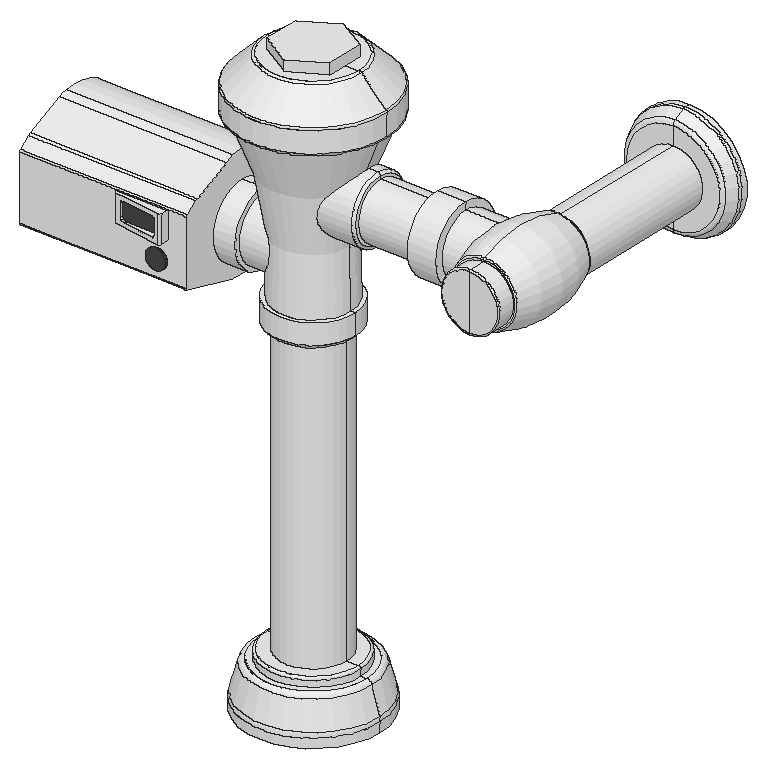
Revit family "Flush_Valve-Toilet-American_Standard-Ultima_Sensor-6147SM16X_Series", category Plumbing Fixtures, Revit 2019
Family settings
  Round Connector Dimension = Use Diameter
  Part Type = Normal
  OmniClass Number = 23.65.70.00
  OmniClass Title = Terminals for Supplied Liquids and Gases
  Work Plane-Based = Yes
  Always vertical = No
  Cut with Voids When Loaded = No
  Shared = Yes
  Room Calculation Point = No
Parameters (values of type "6147SM161.002")
  Waste Connection = no
  Warranty Information = "1 Year Limited Warranty"
  WFU = 0  # constant formula
  Vent Connection = no
  URL = "https://www.americanstandard-us.com/"
  Revised Date = "09/30/2021"  # constant formula
  Product Page URL = "https://www.americanstandard-us.com/Sensor-Flush-Valves/Ultima-Touchless-Sensor-Toilet-Flush-Valve-Diaphragm-Type-16-gpf-60-Lpf-27-inch-Rough-In/CHROME-6147SM161002"
  Product Documentation Link = "https://americanstandard.box.com/shared/static/29g2bhl1dl00d3vz4enwz6njxmrdbmgc.pdf"
  Price = "Prices may vary. Please consult Manufacturer Representative for most up-to-date price list."  # constant formula
  Operating Pressure = "25 psi (flowing) - 80 psi (static)"  # constant formula
  Model = "6147SM161.002"
  Material = "Brass-American Standard-002-Polished Chrome"
  Manufacturer = "American Standard"
  Installation Type = "Top Spud"
  Height = 14 5/8"
  HWFU = 0  # constant formula
  HW Connection = no
  Flush Rate = "1.6 gpf (6.0 Lpf)"
  Finish = Brass-American Standard-002-Polished Chrome
  Description = "Ultima Sensor-Operated Toilet Flush Valve Diaphragm-Type"  # constant formula
  Default Elevation = 0"
  Creation Date = "02/14/2019"  # constant formula
  Connection Distance = 11 1/2"
  Cold Water Connection Width Constraint = 6"
  Cold Water Connection Width = if(Cold Water Connection Width Constraint < 4 1/4", 4 1/4", if(Cold Water Connection Width Constraint > 5 1/4", 5 1/4", Cold Water Connection Width Constraint))  # 5 1/4"
  Cold Water Connection Radius = 1/2"  # constant formula
  Cold Water Connection Height = 11 1/2"
  Cold Water Connection Diameter = Cold Water Connection Radius * 2  # 1"
  Center to Wall Constraint = 5"
  Center to Wall = if(Center to Wall Constraint < 1 1/2", 1 1/2", if(Center to Wall Constraint > 5", 5", Center to Wall Constraint))  # 5"
  CWFU = 10  # constant formula
  CW Connection = yes
  Assembly Code = "D2020100"
  ADA Compliant = yes
Types (3): name | Product Page URL | Model | Height | Cold Water Connection Width Constraint | Cold Water Connection Width | Cold Water Connection Height | Center to Wall Constraint | Center to Wall
  (no name) | "https://www.americanstandard-us.com/Sensor-Flush-Valves/Ultima-Touchless-Sensor-Toilet-Flush-Valve-Diaphragm-Type-16-gpf-60-Lpf-27-inch-Rough-In/CHROME-6147SM161002" | "6147SM161.002" | 14 5/8" | 6" | 5 1/4" | 11 1/2" | 5" | 5"
  6147SM161.002 | "https://www.americanstandard-us.com/Sensor-Flush-Valves/Ultima-Touchless-Sensor-Toilet-Flush-Valve-Diaphragm-Type-16-gpf-60-Lpf-27-inch-Rough-In/CHROME-6147SM161002" | "6147SM161.002" | 14 5/8" | 6" | 5 1/4" | 11 1/2" | 5" | 5"
  6147SM162.002 | "https://www.americanstandard-us.com/Sensor-Flush-Valves/Ultima-Touchless-Sensor-Toilet-Flush-Valve-Diaphragm-Type-16-gpf-60-Lpf-27-Inch-686-mm-Rough-In/CHROME-6147SM162002" | "6147SM162.002" | 30 1/8" | 2" | 4 1/4" | 27" | 1" | 1 1/2"
Reference planes (in)
  plane 1 "Center (Front/Back)": y = 0
  plane 2: z = 0
  plane 3 "Center (Left/Right)": x = 0
  plane 4: z = 11.5
  plane 5: z = 14.625
  plane 6: y = 5
  plane 7: z = 8.90216
  plane 8: z = 10.86525
  plane 9 "Right Inlet": x = 5.25
  plane 10: x = 7.25
  plane 11: x = -3.25
  plane 12: x = -3.48706
  plane 13: x = 3.48706
  plane 14: x = -2.5
Forms (in)
  Revolve 1, solid, material "Brass-American Standard-002-Polished Chrome" <- "Finish"
    sketch origin (0, 0, 0) x (1, 0, 0) y (0, 0, 1)
      loop
        line (0, 0) -> (0, 14.3802) -> (-1.11818, 14.3802)
        arc (-1.11818, 14.3802) -> (-1.15499, 14.37288) -> (-1.18619, 14.35203) r 0.09619
        line (-1.18619, 14.35203) -> (-1.79374, 13.74448)
        arc (-1.79374, 13.74448) -> (-1.80975, 13.72052) -> (-1.81537, 13.69225) r 0.07386
        line (-1.81537, 13.69225) -> (-1.81537, 13.17344)
        arc (-1.81537, 13.17344) -> (-1.80066, 13.13794) -> (-1.76516, 13.12324) r 0.05021
        line (-1.76516, 13.12324) -> (-1.6688, 13.12324)
        arc (-1.6688, 13.12324) -> (-0.99336, 11.1295) -> (-0.92916, 9.02544) r 7.13417
        line (-0.92916, 9.02544) -> (-1.03765, 9.02544) -> (-1.03765, 8.52544) -> (-0.92113, 8.40893) -> (-0.81444, 8.40893) -> (-0.81444, 1.28526) -> (-1.1096, 1.28526)
        arc (-1.1096, 1.28526) -> (-1.1491, 1.26889) -> (-1.16546, 1.22939) r 0.05587
        line (-1.16546, 1.22939) -> (-1.16546, 1.0765) -> (-1.31528, 1.0765)
        arc (-1.31528, 1.0765) -> (-1.39529, 1.04973) -> (-1.44308, 0.9802) r 0.13295
        line (-1.44308, 0.9802) -> (-1.62753, 0.33695)
        arc (-1.62753, 0.33695) -> (-1.63891, 0.2834) -> (-1.64273, 0.22878) r 0.39245
        line (-1.64273, 0.22878) -> (-1.64273, 0) -> (0, 0)
      axis (0, 14.3802) -> (0, 0)
    angle from 0 to 360
  Extrusion 2, solid, material "Brass-American Standard-002-Polished Chrome" <- "Finish"
    sketch origin (0, 0, 0) x (1, 0, 0) y (0, 1, 0)
      loop
        line (0, 0.89876) -> (-0.77835, 0.44938) -> (-0.77835, -0.44938) -> (0, -0.89876) -> (0.77835, -0.44938) -> (0.77835, 0.44938) -> (0, 0.89876)
    from 13.12324 to 14.625
  Revolve 3, solid, material "Brass-American Standard-002-Polished Chrome" <- "Finish"
    sketch origin (0, 0, 0) x (-1, 0, 0) y (0, 0, 1)
      loop
        line (-5.25, 11.5) -> (0, 11.5) -> (0, 12.31257) -> (-1.58632, 12.31257) -> (-1.6489, 12.25) -> (-1.6489, 12.18215) -> (-3.04991, 12.18215) -> (-3.04991, 12.42086) -> (-3.75, 12.42086) -> (-3.75, 12.25) -> (-5.25, 12.25) -> (-5.25, 11.5)
      axis (0, 11.5) -> (-5.25, 11.5)
    angle from 0 to 360
  Revolve 4, solid, material "Brass-American Standard-002-Polished Chrome" <- "Finish"
    sketch origin (0, 0, 0) x (-1, 0, 0) y (0, 0, 1)
      loop
        line (1.7544, 10.10762) -> (1.7544, 11.00332) -> (1.21033, 11.00332) -> (1.21033, 10.88577) -> (0, 10.88577) -> (0, 10.10762) -> (1.7544, 10.10762)
      axis (0, 10.10762) -> (1.7544, 10.10762)
    angle from 0 to 360
  Revolve 5, solid, material "Brass-American Standard-002-Polished Chrome" <- "Finish"
    sketch origin (5.25, -180, 27.44758) x (0, 0, 1) y (0, -1, 0)
      loop
        line (-14.55344, -185) -> (-14.55344, -184.86878)
        arc (-14.55344, -184.86878) -> (-14.55759, -184.83491) -> (-14.56982, -184.80307) r 0.13997
        line (-14.56982, -184.80307) -> (-14.70077, -184.55679)
        arc (-14.70077, -184.55679) -> (-14.74551, -184.50964) -> (-14.80815, -184.49227) r 0.12162
        line (-14.80815, -184.49227) -> (-15.23507, -184.49227) -> (-15.23507, -180.95216) -> (-15.18883, -180.95216)
        arc (-15.18883, -180.95216) -> (-15.16927, -180.94629) -> (-15.15617, -180.93062) r 0.03553
        arc (-15.15617, -180.93062) -> (-14.92807, -179.81868) -> (-15.15603, -178.70671) r 2.82515
        arc (-15.15603, -178.70671) -> (-15.16932, -178.69081) -> (-15.18917, -178.68485) r 0.03604
        line (-15.18917, -178.68485) -> (-15.23507, -178.68485) -> (-15.23507, -178.27678)
        arc (-15.23507, -178.27678) -> (-15.24343, -178.25661) -> (-15.2636, -178.24825) r 0.02853
        line (-15.2636, -178.24825) -> (-15.94758, -178.24825) -> (-15.94758, -185) -> (-14.55344, -185)
      axis (-15.94758, -185) -> (-15.94758, -178.24825)
    angle from 0 to 360
  Extrusion 6, solid, material "Brass-American Standard-002-Polished Chrome" <- "Finish"
    sketch origin (-0.04087, 1.78125, -0.39578) x (0, 1, 0) y (0, 0, -1)
      loop
        arc (-0.7196, -11.54604) -> (-0.66257, -11.44624) -> (-0.64278, -11.333) r 0.3338
        line (-0.64278, -11.333) -> (-0.64278, -10.00245)
        arc (-0.64278, -10.00245) -> (-0.66336, -9.88528) -> (-0.72265, -9.78215) r 0.34375
        arc (-0.72265, -9.78215) -> (-1.27706, -9.38238) -> (-1.95534, -9.29794) r 1.37902
        arc (-1.95534, -9.29794) -> (-2.00062, -9.30506) -> (-2.0454, -9.31483) r 0.77852
        line (-2.0454, -9.31483) -> (-3.42898, -9.6598)
        arc (-3.42898, -9.6598) -> (-3.45031, -9.67365) -> (-3.45859, -9.6977) r 0.03906
        line (-3.45859, -9.6977) -> (-3.45859, -11.28703)
        arc (-3.45859, -11.28703) -> (-3.45492, -11.3036) -> (-3.44459, -11.31705) r 0.03919
        line (-3.44459, -11.31705) -> (-3.19908, -11.52306)
        arc (-3.19908, -11.52306) -> (-3.17336, -11.54175) -> (-3.14529, -11.55667) r 0.22786
        line (-3.14529, -11.55667) -> (-2.25444, -11.95331)
        arc (-2.25444, -11.95331) -> (-2.15025, -11.99273) -> (-2.04226, -12.02002) r 0.97568
        arc (-2.04226, -12.02002) -> (-1.31604, -11.96411) -> (-0.7196, -11.54604) r 1.37902
    from 1.71353 to 5.8125
  Extrusion 7, solid, material "Black Sensor"
    sketch origin (-0.04087, 0, -0.38475) x (-1, 0, 0) y (0, 0, -1)
      loop
        circle (2.45913, -10.10505) r 0.25
    from 0 to 1.71605
  Extrusion 8, void
    sketch origin (-4.20794, 0, 0) x (0, 0, 1) y (0, -1, 0)
      loop
        circle (10.28116, 0) r 0.1816
      loop
        circle (10.28116, 0) r 0.13712
      loop
        line (10.99066, 0.99621) -> (9.55382, 0.99621)
        arc (9.55382, 0.99621) -> (9.04401, 0) -> (9.55382, -0.99621) r 1.22823
        line (9.55382, -0.99621) -> (10.99066, -0.99621)
        arc (10.99066, -0.99621) -> (11.50048, 0) -> (10.99066, 0.99621) r 1.22823
      loop
        arc (10.97018, -0.93371) -> (11.43798, 0) -> (10.97018, 0.93371) r 1.16573
        line (10.97018, 0.93371) -> (9.5743, 0.93371)
        arc (9.5743, 0.93371) -> (9.10651, 0) -> (9.5743, -0.93371) r 1.16573
        line (9.5743, -0.93371) -> (10.97018, -0.93371)
    from -1.93593 to -1.35494
  Extrusion 9, solid, material "Brass-American Standard-002-Polished Chrome" <- "Finish"
    sketch origin (1, 0, 0) x (1, 0, 0) y (0, 0, 1)
      loop
        circle (4.25, 11.5) r 0.5
    from -5 to -4.49227
  Extrusion 10, solid, material "Brass-American Standard-002-Polished Chrome" <- "Finish"
    sketch origin (0, 0, 0) x (1, 0, 0) y (0, 1, 0)
      loop
        line (-2.23706, -1.86348) -> (-2.23706, -1.48313) -> (-3.48706, -1.48313) -> (-3.48706, -1.68076)
        arc (-3.48706, -1.68076) -> (-3.47366, -1.72392) -> (-3.43817, -1.75189) r 0.07619
        line (-3.43817, -1.75189) -> (-2.29372, -1.91274)
        arc (-2.29372, -1.91274) -> (-2.25416, -1.90102) -> (-2.23706, -1.86348) r 0.04974
    from 10.20053 to 10.86525
  Extrusion 11, void
    sketch origin (0, 0, 0) x (1, 0, 0) y (0, 0, 1)
      loop
        arc (-3.23484, 10.76921) -> (-3.29408, 10.74467) -> (-3.31862, 10.68543) r 0.08378
        line (-3.31862, 10.68543) -> (-3.31862, 10.38189)
        arc (-3.31862, 10.38189) -> (-3.29234, 10.31844) -> (-3.22889, 10.29216) r 0.08973
        line (-3.22889, 10.29216) -> (-2.46968, 10.29216)
        arc (-2.46968, 10.29216) -> (-2.39011, 10.32512) -> (-2.35715, 10.40469) r 0.11253
        line (-2.35715, 10.40469) -> (-2.35715, 10.70233)
        arc (-2.35715, 10.70233) -> (-2.37674, 10.74962) -> (-2.42403, 10.76921) r 0.06688
        line (-2.42403, 10.76921) -> (-3.23484, 10.76921)
    from 1.71605 to 2.33049
Cuts and joins
  Extrusion 8, Extrusion 11 cuts Extrusion 6
  Extrusion 8, Extrusion 11 cuts Revolve 3
  Extrusion 8 cuts Revolve 4
  Extrusion 11 cuts Extrusion 10
Lines and regions (in)
  Masking region 1
    outline origin (0, 0, 0) x (1, 0, 0) y (0, 1, 0)
      loop
        circle (0, 0) r 1.83284
  Masking region 2
    outline origin (0, 0, 0) x (1, 0, 0) y (0, 1, 0)
      loop
        line (-1.59907, 0.8957) -> (-1.7544, 0.8957) -> (-1.7544, 1.13847) -> (-5.85337, 1.13847) -> (-5.85337, -1.67945) -> (-3.48704, -1.67945)
        arc (-3.48704, -1.67945) -> (-3.47403, -1.72337) -> (-3.43817, -1.75189) r 0.07619
        line (-3.43817, -1.75189) -> (-2.29372, -1.91274)
        arc (-2.29372, -1.91274) -> (-2.25416, -1.90102) -> (-2.23706, -1.86348) r 0.04974
        line (-2.23706, -1.86348) -> (-2.23706, -1.67945) -> (-1.7544, -1.67945) -> (-1.7544, -0.8957) -> (-1.59907, -0.8957)
        arc (-1.59907, -0.8957) -> (-1.77343, -0.46285) -> (-1.83284, 0) r 1.83284
        arc (-1.83284, 0) -> (-1.77343, 0.46285) -> (-1.59907, 0.8957) r 1.83284
  Masking region 3
    outline origin (0, 0, 0) x (1, 0, 0) y (0, 1, 0)
      loop
        line (3.04991, 0.92086) -> (3.04991, 0.68215) -> (1.70117, 0.68215)
        arc (1.70117, 0.68215) -> (1.83284, 0) -> (1.70117, -0.68215) r 1.83284
        line (1.70117, -0.68215) -> (3.04991, -0.68215) -> (3.04991, -0.92086) -> (3.75, -0.92086) -> (3.75, -0.75) -> (4.24394, -0.75) -> (4.4256, -1.31515) -> (4.5375, -1.31515) -> (4.5375, -1.76825) -> (5.9625, -1.76825) -> (5.9625, -1.31515) -> (6.02971, -1.31515)
        arc (6.02971, -1.31515) -> (6.27006, -0.17954) -> (6.01191, 0.95216) r 2.7028
        line (6.01191, 0.95216) -> (5.96208, 0.95216) -> (5.96208, 4.49227) -> (6.46752, 4.49227) -> (6.64472, 4.82553) -> (6.64472, 5) -> (3.85528, 5) -> (3.85528, 4.82553) -> (4.03248, 4.49227) -> (4.53792, 4.49227) -> (4.53792, 0.95216) -> (4.46031, 0.95216) -> (4.39463, 0.75) -> (3.75, 0.75) -> (3.75, 0.92086) -> (3.04991, 0.92086)
  symbolic lines, detail levels medium+fine
    curve 1: line (0, 0.89876, 0) -> (-0.77835, 0.44938, 0)
    curve 2: line (0.77835, 0.44938, 0) -> (0, 0.89876, 0)
    curve 3: line (0.77835, -0.44938, 0) -> (0.77835, 0.44938, 0)
    curve 4: line (0, -0.89876, 0) -> (0.77835, -0.44938, 0)
    curve 5: line (-0.77835, -0.44938, 0) -> (0, -0.89876, 0)
    curve 6: line (-0.77835, 0.44938, 0) -> (-0.77835, -0.44938, 0)
    curve 7: line (5.96208, 4.99227, 0) -> (4.53792, 4.99227, 0)
    curve 8: line (3.75, 0.75, 0) -> (3.75, -0.75, 0)
    curve 9: line (3.04991, 0.68215, 0) -> (3.04991, -0.68215, 0)
    curve 13: line (5.96208, 4.49227, 0) -> (4.53792, 4.49227, 0)
    curve 14: line (4.5375, -1.31515, 0) -> (5.9625, -1.31515, 0)
    curve 16: line (-2.23706, -1.67945, 0) -> (-3.48704, -1.67945, 0)
  symbolic lines, detail levels fine
    curve 10: line (-1.7544, 0.8957, 0) -> (-1.7544, 0.53044, 0)
    curve 11: line (-1.7544, -0.8957, 0) -> (-1.7544, -0.53044, 0)
    curve 12: line (5.96208, 0.95216, 0) -> (4.5375, 0.95216, 0)
    curve 15: arc (4.39463, 0.75, 0) -> (4.61917, -0.03013, 0) -> (4.24394, -0.75, 0) r 1.09328
Dimensions and locks (in)
  "Cold Water Connection Height": plane 4 to level
  "Height": plane 5 to level
  locked: Revolve 1 sketch curve to plane 3 "Center (Left/Right)" at 1.64273
  locked: Revolve 1 sketch curve to plane 3 "Center (Left/Right)" at 1.16546
  locked: Revolve 1 sketch curve to plane 3 "Center (Left/Right)" at 0.81444
  locked: Revolve 1 sketch curve to level at 1.0765
  locked: Revolve 1 sketch curve to level at 1.28526
  locked: plane 5 to Revolve 1 sketch curve at 0.2448
  locked: plane 3 "Center (Left/Right)" to Revolve 1 sketch curve at 1.81537
  locked: plane 3 "Center (Left/Right)" to Revolve 1 sketch curve at 1.03765
  locked: plane 5 to Revolve 1 sketch curve at 1.50176
  locked: plane 5 to Revolve 1 sketch curve at 5.59956
  locked: plane 5 to Revolve 1 sketch curve at 6.21607
  "Center to Wall": plane 6 to plane 1 "Center (Front/Back)"
  locked: plane 3 "Center (Left/Right)" to Revolve 1 sketch curve at 1.6688
  locked: plane 5 to plane 7 at 5.72284
  locked: plane 4 to plane 8 at 0.63475
  plane 11 to plane 3 "Center (Left/Right)" = 3 1/4"
  plane 10 to plane 11 = 10 1/2"
  locked: plane 8 to cut or joined group of Extrusion 10, Extrusion 11 at 0.66473
  cut or joined group of Extrusion 10, Extrusion 11 to cut or joined group of Extrusion 10, Extrusion 11 to plane 3 "Center (Left/Right)" = 0.96147" locked, 2.35715" locked
  Revolve 3 sketch curve to Revolve 3 sketch curve to Revolve 3 sketch curve = 0.06257", 0.06785"
  Revolve 3 sketch curve to Revolve 3 sketch curve = 0.17086"
  Revolve 3 sketch curve to Revolve 3 sketch curve to Revolve 3 sketch curve to plane 3 "Center (Left/Right)" = 0", 0.06257", 1.58632"
  locked: plane 6 to Revolve 5 sketch curve at 0.50773
  Revolve 5 sketch curve to plane 1 "Center (Front/Back)" to Revolve 5 sketch curve = 0.95216", 1.31515"
  locked: plane 1 "Center (Front/Back)" to Revolve 5 sketch curve at 1.75175
  plane 4 to Revolve 5 sketch curve = 0.7125"
  plane 3 "Center (Left/Right)" to plane 14 = 2 1/2"
  Extrusion 7 sketch curve to plane 7 = 0.81814"
  Revolve 5 sketch curve to plane 4 = 1.39414"
  equal spacing: Masking region 3 sketch curve, plane 9 "Right Inlet", Masking region 3 sketch curve  (x3)
  Masking region 3 sketch curve to Masking region 3 sketch curve to Masking region 3 sketch curve to Masking region 3 sketch curve to Masking region 3 sketch curve to plane 9 "Right Inlet" = 0.70009" locked, 0.49394" locked, 0.18166" locked, 0.1119" locked, 0.7125" locked
  Revolve 3 sketch curve to plane 9 "Right Inlet" = 2.20009"
  plane 9 "Right Inlet" to Revolve 3 sketch curve = 1 1/2"
  "Cold Water Connection Width": plane 9 "Right Inlet" to plane 3 "Center (Left/Right)"
  radius of Revolve 1 sketch curve = 7.13417"
  radius of Extrusion 6 sketch curve = 0.3338"
  radius of Extrusion 6 sketch curve = 11/32"
  radius of Masking region 3 sketch curve = 2.7028"
  aligned and locked: plane 3 "Center (Left/Right)" to Revolve 1 sketch curve
  aligned and locked: Revolve 1 sketch curve to level
  aligned and locked: Revolve 1 sketch curve to plane 3 "Center (Left/Right)"
  aligned and locked: plane 5 to Extrusion 2
  aligned and locked: Revolve 1 to Extrusion 2
  aligned and locked: Revolve 4 sketch curve to Revolve 4 sketch curve
  aligned and locked: Revolve 5 sketch curve to Revolve 5 sketch curve
  aligned and locked: plane 7 to cut or joined group of Extrusion 6, Extrusion 8, Extrusion 11
  aligned and locked: plane 9 "Right Inlet" to cut or joined group of Revolve 3, Extrusion 8, Extrusion 11
  aligned and locked: cut or joined group of Revolve 3, Extrusion 8, Extrusion 11 to plane 3 "Center (Left/Right)"
  aligned and locked: plane 8 to Extrusion 10
  aligned and locked: Extrusion 10 to plane 8
  aligned and locked: plane 12 to Extrusion 10 sketch curve
  aligned and locked: Extrusion 7 to cut or joined group of Extrusion 10, Extrusion 11
  aligned and locked: Masking region 2 sketch curve to Masking region 1  (x2)
  aligned and locked: Masking region 2 sketch curve to cut or joined group of Extrusion 6, Extrusion 8, Extrusion 11
  aligned and locked: Masking region 2 sketch curve to cut or joined group of Extrusion 10, Extrusion 11
  aligned and locked: cut or joined group of Extrusion 10, Extrusion 11 to Masking region 2 sketch curve
  aligned and locked: curve 10 to cut or joined group of Extrusion 6, Extrusion 8, Extrusion 11
  aligned and locked: cut or joined group of Extrusion 6, Extrusion 8, Extrusion 11 to curve 11
  aligned and locked: curve 8 to cut or joined group of Revolve 3, Extrusion 8, Extrusion 11
  aligned and locked: curve 9 to cut or joined group of Revolve 3, Extrusion 8, Extrusion 11
  aligned and locked: Masking region 3 sketch curve to Masking region 1
  aligned and locked: plane 4 to Revolve 5 sketch curve
  aligned and locked: plane 14 to Extrusion 7 sketch curve
  aligned and locked: plane 6 to Extrusion 9
  aligned and locked: Extrusion 9 to Revolve 5
  aligned and locked: Revolve 5 sketch curve to plane 4
  aligned and locked: curve 7 to Masking region 3
  aligned and locked: Masking region 3 to curve 7
  aligned and locked: Masking region 3 sketch curve to cut or joined group of Revolve 3, Extrusion 8, Extrusion 11  (x2)
  aligned and locked: cut or joined group of Revolve 3, Extrusion 8, Extrusion 11 to Masking region 3 sketch curve  (x2)
  aligned and locked: Revolve 5 to curve 12
  aligned and locked: Masking region 2 to cut or joined group of Extrusion 6, Extrusion 8, Extrusion 11
  aligned and locked: Masking region 2 sketch curve to curve 11
  aligned and locked: curve 10 to Masking region 2 sketch curve
  aligned and locked: cut or joined group of Extrusion 6, Extrusion 8, Extrusion 11 to Masking region 2
  aligned and locked: Masking region 2 to Masking region 2
  aligned and locked: curve 16 to Masking region 2
  aligned and locked: cut or joined group of Extrusion 10, Extrusion 11 to curve 16
Automatic sketch dimensions
  plane 12 to Extrusion 10 sketch curve = 0.04889"
  Extrusion 10 sketch curve to Extrusion 10 sketch curve = 0.07619"
  Extrusion 10 sketch curve to Extrusion 10 sketch curve = 1.11714"
  Extrusion 10 sketch curve to Extrusion 10 sketch curve = 0.00692"
  Extrusion 10 sketch curve to Extrusion 10 sketch curve = 0.04974"
  plane 1 "Center (Front/Back)" to Extrusion 10 sketch curve = 1.91274"
  Extrusion 10 sketch curve to Extrusion 10 sketch curve = 0.16084"
  Extrusion 10 sketch curve to Extrusion 10 sketch curve = 0.19763"
  plane 7 to Revolve 1 sketch curve = 0.96013"
  Revolve 1 sketch curve to plane 5 = 0.88052"
  Revolve 1 sketch curve to Revolve 1 sketch curve = 0.02163"
  Revolve 1 sketch curve to Revolve 1 sketch curve = 0.05021"
  Revolve 1 sketch curve to Revolve 1 sketch curve = 0.05223"
  level to Revolve 1 sketch curve = 0.33695"
  Revolve 1 sketch curve to Revolve 1 sketch curve = 0.0152"
  Revolve 1 sketch curve to Revolve 1 sketch curve = 0.27761"
  Revolve 1 sketch curve to Revolve 1 sketch curve = 0.14982"
  level to Revolve 1 sketch curve = 0.22878"
  Revolve 1 sketch curve to plane 5 = 0.27297"
  Revolve 1 sketch curve to Revolve 1 sketch curve = 0.60754"
  Revolve 1 sketch curve to Revolve 1 sketch curve = 0.06802"
  Revolve 1 sketch curve to Revolve 1 sketch curve = 0.05587"
  Revolve 1 sketch curve to Revolve 1 sketch curve = 0.1067"
  Revolve 1 sketch curve to Revolve 1 sketch curve = 0.13295"
  Revolve 1 sketch curve to Revolve 1 sketch curve = 0.11652"
  plane 5 to Revolve 1 sketch curve = 3.2552"
  Revolve 1 sketch curve to Revolve 1 sketch curve = 1"
  Revolve 3 sketch curve to plane 4 = 0"  (x2)
  plane 9 "Right Inlet" to Revolve 3 sketch curve = 0"
  Revolve 3 sketch curve to plane 3 "Center (Left/Right)" = 0"
  Revolve 3 sketch curve to plane 4 = 0.68215"
  Revolve 3 sketch curve to Revolve 3 sketch curve = 3/4"
  Revolve 3 sketch curve to Revolve 3 sketch curve = 1 1/4"
  Revolve 4 sketch curve to plane 3 "Center (Left/Right)" = 0"
  Revolve 4 sketch curve to plane 8 = 0.02052"
  Revolve 4 sketch curve to Revolve 4 sketch curve = 1.21033"
  Revolve 4 sketch curve to Revolve 4 sketch curve = 0.54407"  (x2)
  plane 8 to Revolve 4 sketch curve = 0.75763"
  Revolve 4 sketch curve to plane 8 = 0.13807"
  Revolve 4 sketch curve to Revolve 4 sketch curve = 0.20593"
  Revolve 5 sketch curve to plane 6 = 0"
  Revolve 5 sketch curve to plane 1 "Center (Front/Back)" = 0.18149"
  Revolve 5 sketch curve to plane 7 = 0.7922"
  Revolve 5 sketch curve to Revolve 5 sketch curve = 0.02853"
  Revolve 5 sketch curve to Revolve 5 sketch curve = 0.04591"
  Revolve 5 sketch curve to Revolve 5 sketch curve = 0.04624"
  Revolve 5 sketch curve to Revolve 5 sketch curve = 0.25471"
  plane 6 to Revolve 5 sketch curve = 0.44321"
  Revolve 5 sketch curve to Revolve 5 sketch curve = 0.10738"
  Revolve 5 sketch curve to Revolve 5 sketch curve = 0.13997"
  plane 6 to Revolve 5 sketch curve = 0.19693"
  Revolve 5 sketch curve to Revolve 5 sketch curve = 0.01638"
  Revolve 5 sketch curve to Revolve 5 sketch curve = 0.03553"
  Revolve 5 sketch curve to Revolve 5 sketch curve = 0.03604"
  Revolve 5 sketch curve to Revolve 5 sketch curve = 0"
  Revolve 5 sketch curve to Revolve 5 sketch curve = 2 1/4"
  Revolve 5 sketch curve to Revolve 5 sketch curve = 1.09472"
  Extrusion 6 sketch curve to Extrusion 6 sketch curve = 0"  (x3)
  Extrusion 6 sketch curve to plane 7 = 0"  (x2)
  Extrusion 6 sketch curve to plane 1 "Center (Front/Back)" = 0"
  plane 1 "Center (Front/Back)" to Extrusion 6 sketch curve = 0.07581"
  plane 1 "Center (Front/Back)" to Extrusion 6 sketch curve = 0.07634"
  plane 7 to Extrusion 6 sketch curve = 0.0169"
  plane 1 "Center (Front/Back)" to Extrusion 6 sketch curve = 0.26415"
  plane 4 to Extrusion 6 sketch curve = 0.05753"
  plane 1 "Center (Front/Back)" to Extrusion 6 sketch curve = 0.47319"
  plane 8 to Extrusion 6 sketch curve = 0.08748"
  Extrusion 6 sketch curve to Extrusion 6 sketch curve = 0.79818"
  plane 8 to Extrusion 6 sketch curve = 0.29564"
  Extrusion 6 sketch curve to Extrusion 6 sketch curve = 0.09268"
  plane 8 to Extrusion 6 sketch curve = 0.26203"
  plane 8 to Extrusion 6 sketch curve = 0.026"
  Extrusion 6 sketch curve to Extrusion 6 sketch curve = 0.22032"
  plane 7 to Extrusion 6 sketch curve = 0.39976"
  Extrusion 6 sketch curve to Extrusion 6 sketch curve = 1.37413"
  plane 7 to Extrusion 6 sketch curve = 0.36186"
  Extrusion 6 sketch curve to Extrusion 6 sketch curve = 0.00945"
  plane 8 to Extrusion 6 sketch curve = 0.05602"
  plane 7 to Extrusion 6 sketch curve = 0.70451"
  Extrusion 6 sketch curve to plane 1 "Center (Front/Back)" = 0.79472"
  plane 8 to Extrusion 6 sketch curve = 0.07197"
  Extrusion 6 sketch curve to plane 8 = 0.19905"
  Extrusion 6 sketch curve to Extrusion 6 sketch curve = 0.39605"
  Extrusion 8 sketch curve to Extrusion 8 sketch curve = 0"  (x14)
  Extrusion 8 sketch curve to plane 1 "Center (Front/Back)" = 0"  (x2)
  plane 7 to Extrusion 8 sketch curve = 0.65167"  (x2)
  Extrusion 8 sketch curve to Extrusion 8 sketch curve = 0.02048"  (x3)
  Extrusion 8 sketch curve to plane 8 = 0.59301"
  Extrusion 8 sketch curve to Extrusion 8 sketch curve = 0.00892"
  plane 8 to Extrusion 8 sketch curve = 0.10493"
  Extrusion 8 sketch curve to plane 1 "Center (Front/Back)" = 0.93371"
  Extrusion 8 sketch curve to Extrusion 8 sketch curve = 1/16"
  Extrusion 9 sketch curve to Extrusion 9 sketch curve = 0"  (x2)
  Extrusion 9 sketch curve to plane 9 "Right Inlet" = 0"
  Extrusion 9 sketch curve to plane 4 = 0"
  plane 8 to Extrusion 9 sketch curve = 0.13475"
  Extrusion 11 sketch curve to plane 8 = 0.17982"
  Extrusion 11 sketch curve to Extrusion 11 sketch curve = 0.08378"
  Extrusion 11 sketch curve to Extrusion 11 sketch curve = 0.08973"
  Extrusion 11 sketch curve to plane 8 = 0.46056"
  Extrusion 11 sketch curve to Extrusion 11 sketch curve = 0.75921"
  Extrusion 11 sketch curve to Extrusion 11 sketch curve = 0.04565"
  Extrusion 11 sketch curve to Extrusion 11 sketch curve = 0.06688"
  Masking region 3 sketch curve to plane 6 = 0"
  Masking region 3 sketch curve to plane 1 "Center (Front/Back)" = 0.68215"
  plane 1 "Center (Front/Back)" to Masking region 3 sketch curve = 0.68215"
  plane 1 "Center (Front/Back)" to Masking region 3 sketch curve = 0.20076"
  Masking region 3 sketch curve to Masking region 3 sketch curve = 0.18266"
  Masking region 3 sketch curve to plane 6 = 0.17447"
  Masking region 3 sketch curve to Masking region 3 sketch curve = 0.10528"
  Masking region 3 sketch curve to Masking region 3 sketch curve = 0.1772"  (x2)
  Masking region 3 sketch curve to Masking region 3 sketch curve = 0.64463"
  Masking region 3 sketch curve to Masking region 3 sketch curve = 0.06569"
  Masking region 3 sketch curve to Masking region 3 sketch curve = 0.0776"
  Masking region 3 sketch curve to Masking region 3 sketch curve = 0.04983"
  Masking region 3 sketch curve to Masking region 3 sketch curve = 0.06721"
  Masking region 3 sketch curve to plane 6 = 0.50773"
  Masking region 3 sketch curve to Masking region 3 sketch curve = 29/64"  (x2)
  Masking region 3 sketch curve to Masking region 3 sketch curve = 0.23871"
  Masking region 3 sketch curve to Masking region 3 sketch curve = 0.17086"  (x2)
  Masking region 3 sketch curve to plane 1 "Center (Front/Back)" = 3/4"
  Masking region 3 sketch curve to Masking region 3 sketch curve = 0.20216"
  Masking region 3 sketch curve to Masking region 3 sketch curve = 0.33326"
  Masking region 3 sketch curve to Masking region 3 sketch curve = 0.17447"
  Revolve 3 sketch curve to Revolve 3 sketch curve = 4"
  Extrusion 11 sketch curve to plane 3 "Center (Left/Right)" = 3.31862"
  plane 1 "Center (Front/Back)" to Masking region 1 sketch curve = 0"
  Masking region 1 sketch curve to plane 3 "Center (Left/Right)" = 0"
  Masking region 2 sketch curve to Masking region 2 sketch curve = 0.07618"
  Masking region 2 sketch curve to Masking region 2 sketch curve = 2.36633"
  Masking region 2 sketch curve to Masking region 2 sketch curve = 0.48266"
  Masking region 2 sketch curve to Masking region 2 sketch curve = 0.07844"
  Masking region 2 sketch curve to Masking region 2 sketch curve = 0.96778"
  Masking region 2 sketch curve to Masking region 2 sketch curve = 0.18403"
  Masking region 2 sketch curve to Masking region 2 sketch curve = 0.00692"
  Masking region 2 sketch curve to Masking region 2 sketch curve = 0.04926"
  Masking region 2 sketch curve to Masking region 2 sketch curve = 0.02731"
  curve 5 to plane 3 "Center (Left/Right)" = 0"
  curve 2 to plane 3 "Center (Left/Right)" = 0"
  curve 1 to plane 3 "Center (Left/Right)" = 0.77835"
  plane 3 "Center (Left/Right)" to curve 3 = 0.77835"
  curve 15 to plane 1 "Center (Front/Back)" = 0.07915"
  curve 15 to curve 8 = 0.21863"
  plane 1 "Center (Front/Back)" to curve 6 = 0.44938"
  plane 1 "Center (Front/Back)" to curve 4 = 0.44938"
  curve 5 to curve 5 = 0.44938"
  curve 6 to plane 1 "Center (Front/Back)" = 0.44938"
  curve 3 to plane 1 "Center (Front/Back)" = 0.44938"
  curve 1 to curve 1 = 0.44938"
  curve 16 to curve 16 = 1 1/4"
  curve 8 to curve 15 = 0.49394"
  curve 8 to curve 15 = 0.64463"
  curve 15 to curve 14 = 0.29356"
  curve 15 to curve 12 = 0.14287"
  curve 13 to curve 7 = 0"  (x2)
  curve 12 to plane 9 "Right Inlet" = 0.71208"
  curve 14 to plane 9 "Right Inlet" = 0.7125"
  plane 1 "Center (Front/Back)" to curve 11 = 0.53044"
  plane 1 "Center (Front/Back)" to curve 9 = 0.68215"
  curve 8 to curve 9 = 0.06785"
  curve 8 to curve 15 = 0"  (x2)
  curve 11 to curve 11 = 0.36525"
  plane 1 "Center (Front/Back)" to curve 14 = 1.31515"
  plane 1 "Center (Front/Back)" to curve 16 = 1.67945"
  curve 10 to plane 1 "Center (Front/Back)" = 0.53044"
  curve 9 to plane 1 "Center (Front/Back)" = 0.68215"
  curve 10 to curve 10 = 0.36525"
  curve 13 to plane 6 = 0.50773"
  curve 7 to plane 6 = 0.00773"
  radius of Extrusion 7 sketch curve = 1/4"
  radius of Extrusion 8 sketch curve = 0.1816"
  radius of Extrusion 8 sketch curve = 0.13712"
  radius of Masking region 1 sketch curve = 1.83284"
Connectors (in)
  piping at (5.25, 5, 11.5), diameter 1, driven by "Cold Water Connection Diameter", driven by "CWFU"
    settings: on Extrusion 9, index 1, connector inside diameter 24", connector length 0", flow factor 0, pipe flow 0 GPM, pressure drop 0.00 psi, fitting loss kfactor 0, connector angle 0.00°, fixture units 10, engagement length 0", angle of deflection 0.00°, flow configuration 3, flow direction 1, fitting loss method 0, system type 20, joint type 0, gender type 0, connector reference index -1, connector utility 0, adjustable connector no, is connector primary yes, connector description "1\" I.P.S. CW Inlet"
